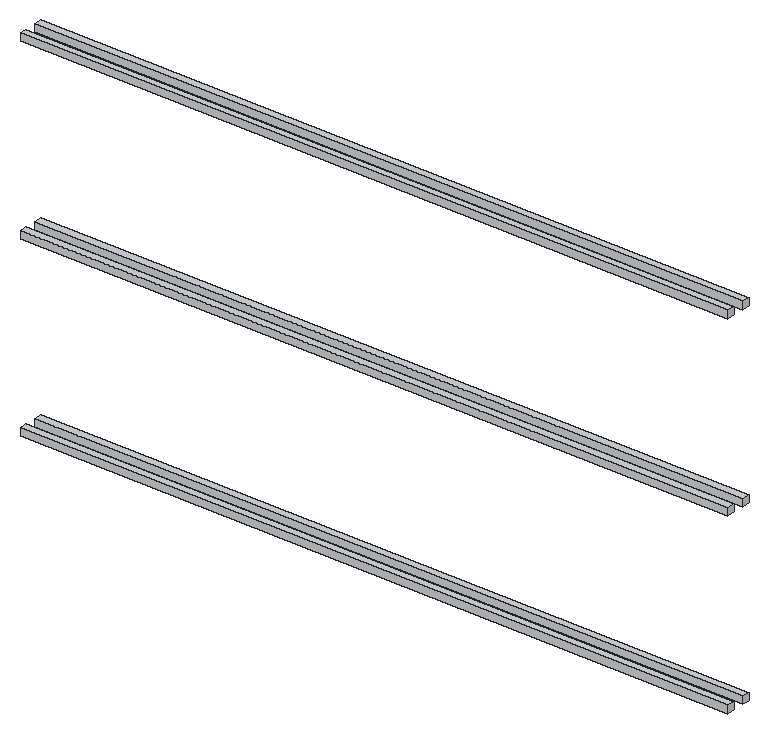
Revit family "2570ccd978584437b1c47c74b61fe455", category Generic Models, Revit 2021
Family settings
  Can host rebar = No
  Round Connector Dimension = Use Diameter
  Part Type = Normal
  Work Plane-Based = No
  Always vertical = Yes
  Cut with Voids When Loaded = No
  Shared = Yes
  Room Calculation Point = No
Parameters
  Width [instance] = 4' - 0"
  Thickness = 0' - 0 1/2"
  Height [instance] = 4' - 0"
  Interior Material [instance] = none
  Exterior Material [instance] = none
  Distance = 0' - 0 3/4"
  Default Elevation = 0' - 0"
Reference planes (in)
  plane 1 "Center (Front/Back)": y = 0
  plane 2: z = 0
  plane 3 "Center (Left/Right)": x = 0
  plane 4: z = 48
  plane 5: x = -24
  plane 6: x = 24
  plane 7: z = 24
  plane 8 "a": y = 0.375
  plane 9 "b": y = -0.375
  plane 10: z = 36
  plane 11: z = 12
  plane 12: y = 0.875
  plane 13: y = -0.875
  plane 14: z = 36.25
  plane 15: z = 35.75
  plane 16: z = 24.25
  plane 17: z = 23.75
  plane 18: z = 12.25
  plane 19: z = 11.75
Forms (in)
  Extrusion 1, solid, material <- "Exterior Material", detail levels fine
    sketch origin (0, 0.375, 0) x (-1, 0, 0) y (0, 0, 1)
      loop
        line (24, 36.25) -> (-24, 36.25) -> (-24, 35.75) -> (24, 35.75) -> (24, 36.25)
      loop
        line (24, 24.25) -> (-24, 24.25) -> (-24, 23.75) -> (24, 23.75) -> (24, 24.25)
      loop
        line (24, 12.25) -> (-24, 12.25) -> (-24, 11.75) -> (24, 11.75) -> (24, 12.25)
    from 0 to 0.5
  Extrusion 2, solid, material <- "Interior Material", detail levels fine
    sketch origin (0, -0.375, 0) x (-1, 0, 0) y (0, 0, 1)
      loop
        line (24, 36.25) -> (-24, 36.25) -> (-24, 35.75) -> (24, 35.75) -> (24, 36.25)
      loop
        line (24, 24.25) -> (-24, 24.25) -> (-24, 23.75) -> (24, 23.75) -> (24, 24.25)
      loop
        line (24, 12.25) -> (-24, 12.25) -> (-24, 11.75) -> (24, 11.75) -> (24, 12.25)
    from -0.5 to 0
Lines and regions (in)
  model lines, detail levels medium
    curve 1: line (-24, -0.375, 36) -> (24, -0.375, 36)
    curve 2: line (-24, 0.375, 24) -> (24, 0.375, 24)
    curve 3: line (-24, 0.375, 12) -> (24, 0.375, 12)
    curve 4: line (-24, -0.375, 24) -> (24, -0.375, 24)
    curve 5: line (-24, -0.375, 12) -> (24, -0.375, 12)
    curve 6: line (-24, 0.375, 36) -> (24, 0.375, 36)
Dimensions and locks (in)
  equal spacing: plane 6, plane 3 "Center (Left/Right)", plane 5
  "Width": plane 6 to plane 5
  "Height": plane 4 to plane 2
  equal spacing: plane 4, plane 7, plane 2
  equal spacing: plane 8 "a", plane 1 "Center (Front/Back)", plane 9 "b"
  "Distance": plane 8 "a" to plane 9 "b"
  Extrusion 1 sketch curve to curve 1 to Extrusion 1 sketch curve = 0' - 0 1/4" locked, 0' - 0 1/4" locked
  equal spacing: Extrusion 1 sketch curve, plane 7, Extrusion 1 sketch curve, locked at 0.25 each
  Extrusion 1 sketch curve to curve 3 to Extrusion 1 sketch curve = 0' - 0 1/4" locked, 0' - 0 1/4" locked
  equal spacing: plane 4, plane 10, plane 7
  equal spacing: plane 7, plane 11, level
  "Thickness": plane 12 to plane 8 "a"
  "Thickness": plane 9 "b" to plane 13
  "Thickness": plane 14 to plane 15
  equal spacing: plane 14, plane 10, plane 15
  equal spacing: plane 17, plane 7, plane 16
  "Thickness": plane 17 to plane 16
  equal spacing: plane 18, plane 11, plane 19
  "Thickness": plane 18 to plane 19
  aligned and locked: plane 2 to level
  aligned and locked: Extrusion 1 sketch curve to plane 5  (x3)
  aligned and locked: Extrusion 1 sketch curve to plane 6  (x3)
  aligned and locked: plane 5 to curve 1
  aligned and locked: plane 5 to curve 2
  aligned and locked: plane 5 to curve 3
  aligned and locked: plane 6 to curve 3
  aligned and locked: plane 6 to curve 2
  aligned and locked: plane 6 to curve 1
  aligned and locked: curve 1 to plane 10
  aligned and locked: plane 11 to curve 3
  aligned and locked: curve 2 to plane 7
  aligned and locked: plane 12 to Extrusion 1
  aligned and locked: Extrusion 1 to plane 8 "a"
  aligned and locked: Extrusion 2 sketch curve to Extrusion 1  (x12)
  aligned and locked: Extrusion 2 to plane 13
  aligned and locked: plane 9 "b" to Extrusion 2
  aligned and locked: curve 4 to plane 7
  aligned and locked: plane 6 to curve 4
  aligned and locked: plane 5 to curve 4
  aligned and locked: plane 11 to curve 5
  aligned and locked: plane 6 to curve 5
  aligned and locked: plane 5 to curve 5
  aligned and locked: plane 6 to curve 6
  aligned and locked: curve 6 to plane 10
  aligned and locked: plane 5 to curve 6
Automatic sketch dimensions
  Extrusion 1 sketch curve to plane 7 = 0' - 0 1/4"
